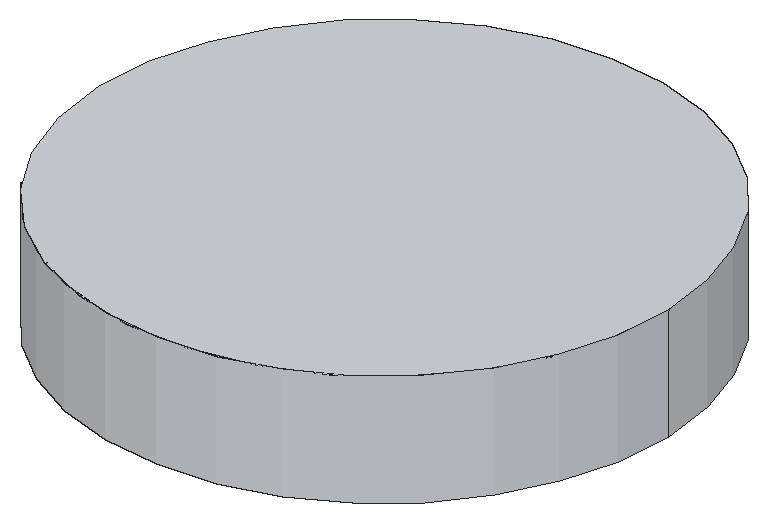
Revit family "110-38", category Aparatos sanitarios, Revit 2021
Family settings
  Cota de conector redondo = Diámetro de uso
  Tipo de pieza = Normal
  Número OmniClass = 23.45.00.00
  Título OmniClass = Sanitary, Laundry, and Cleaning Equipment
  Se basa en plano de trabajo = No
  Siempre vertical = Sí
  Corte con vacíos al cargar = No
  Compartido = Sí
  Punto de cálculo de habitación = No
Parameters (values of type "110-38")
  URL = "http://www.helvex.com.mx/contenido.php?producto=290"
  Elevación por defecto = 0"
  Comentarios de tipo = "Flush Valves"
  Note = "The Feeding Pipe Must Be 1 ¼\" And A 1 ¼\" - 1\" Reductor Must Be Used For Installation"
  Modelo = "110-38"
  Min. Working Pressure = 14.22 psi
  Max. Working Pressure = 85.34 psi
  Fabricante = "HELVEX"
  Instructive = "http://www.helvex.com.mx/productos/instructivos/110-38.pdf"
  Features = "Left And Right Installation"
  Documentation = "http://www.helvex.com.mx/productos/fichas/110-38.pdf"
  Descripción = "Oscilating Handle Flushvalve For 1.25\" Diameter Top Spud"
  Connection = "1\" Feeding Connection"
  Compliance = "NOM-005-CONAGUA-1996"
  Chrome = Brass Chromed
  Certification = "http://www.helvex.com.mx/productos/vistas/110-38.pdf"
  Conexión AF = yes
Reference planes (in)
  plane 1 "Center (Front/Back)": y = 0
  plane 2: z = 0
  plane 3 "Center (Left/Right)": x = 0
  plane 4: z = 17
  plane 5: y = -6.5
  plane 6: z = 18.135
Forms (in)
  Extrusion 1, solid
    sketch origin (0, 0, 0) x (1, 0, 0) y (0, 1, 0)
      loop
        circle (0, -6.5) r 0.625
    from 17 to 17.25
Dimensions and locks (in)
  locked: plane 2 to plane 4 at 17
  locked: plane 5 to plane 1 "Center (Front/Back)" at 6.5
  locked: plane 6 to plane 4 at 1.135
  aligned and locked: level to plane 2
Connectors (in)
  piping at (-5.452, 0, 28.47142), diameter 1
    settings: on import instance, index 1, connector inside diameter 24", connector length 0", flow factor 0, pipe flow 0.0 GPM, pressure drop 0.0 psi, fitting loss kfactor 0, connector angle 0.00°, fixture units 0, engagement length 0", angle of deflection 0.00°, flow configuration 0, flow direction 0, fitting loss method 0, system type 7, joint type 0, gender type 0, connector reference index -1, connector utility 0, adjustable connector no, is connector primary yes, connector description ""
  piping at (0, -6.5, 17), diameter 1
    settings: on import instance, index 2, connector inside diameter 24", connector length 0", flow factor 0, pipe flow 0.0 GPM, pressure drop 0.0 psi, fitting loss kfactor 0, connector angle 0.00°, fixture units 0, engagement length 0", angle of deflection 0.00°, flow configuration 0, flow direction 0, fitting loss method 0, system type 7, joint type 0, gender type 0, connector reference index -1, connector utility 0, adjustable connector no, is connector primary no, connector description ""
